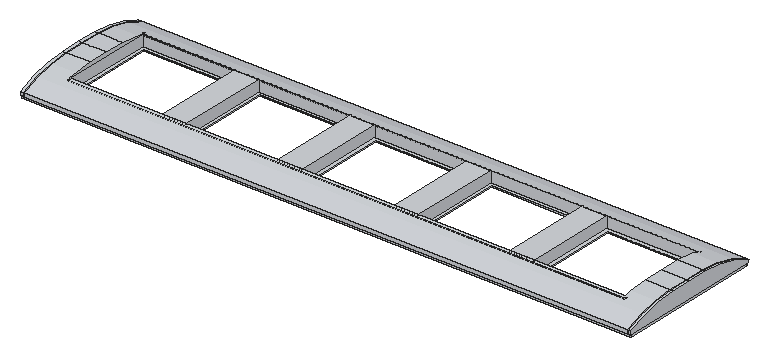
Revit family "Gira_0215761", category Electrical Fixtures, host Face, Revit 2017
Family settings
  Host = Face
  Maintain Annotation Orientation = No
  Round Connector Dimension = Use Diameter
  Part Type = Normal
  Cut with Voids When Loaded = No
  Shared = No
  Room Calculation Point = No
Parameters (values of type "Abdeckrahmen 5f Zwischenr. CW Gira Event Klar Braun")
  Werkstoffgüte = "Thermoplast"
  Werkstoff = "Kunststoff"
  URL = "http://katalog.gira.de/de_DE/datenblatt.html?artikelnr=0215761"
  Transparent = "No"
  Textfeld/Beschriftungsfläche = "No"
  Schutzart (IP) = "IP20"
  Region = "DE"
  Oberfläche = "sonstige"
  Name = "Abdeckrahmen 5f Zwischenr. CW Gira Event Klar Braun"
  Montagerichtung = "horizontal und vertikal"
  Mit Montagerahmen = "No"
  Mit Klappdeckel = "No"
  Manufacturer URL = "https://www.gira.de/"
  Keynote = "Event_Rahmen_5fach"
  HeinzeBIM = "https://bimportal.heinze.de/bim/abdeckrahmen-5f-zwischenr-cw-gira-event-klar-braun/2971eb6b02c03818d5da1849aea3f2e2e5a93da3"
  Halogenfrei = "Yes"
  HAN = "0215761"
  Geeignet für Unterputz-Installation = "Yes"
  Geeignet für Unterflurkanaldose = "No"
  Geeignet für Geräteeinbaukanal = "No"
  Geeignet für Einbauinstallation = "No"
  GTIN = "4010337069331"
  Farbe = "braun"
  Default Elevation = 1219.2 mm
  Data sheet (1) = "https://katalog.gira.de/de_DE/download.html?artikelnr=0215761"
  Category = "Abdeckrahmen"
  Befestigungsart = "Klemmbefestigung"
  Available = "Yes"
  Ausführung der Oberfläche = "glänzend"
  Anzahl der Einheiten vertikal = "5 "
  Anzahl der Einheiten horizontal = "5 "
  Anzahl der Einheiten = "5 "
Reference planes
  plane 1 "Center (Front/Back)": y = 0
  plane 2: z = 0
  plane 3 "Center (Left/Right)": x = 0
Forms (mm)
  Extrusion 1, solid, detail levels fine
    sketch origin (0, 0, 0.05) x (0, 1, 0) y (0, 0, 1)
      loop
        arc (12.445, 9.683) -> (6.223, 9.833) -> (0, 9.85) r 291.636
        arc (0, 9.85) -> (-6.223, 9.833) -> (-12.445, 9.683) r 291.636
        arc (-12.445, 9.683) -> (-29.14, 7.482) -> (-45, 1.823) r 79.728
        line (-45, 1.823) -> (-45, -0.05) -> (-42.086, -0.05)
        arc (-42.086, -0.05) -> (-21.385, 5.559) -> (0, 7.206) r 114.424
        arc (0, 7.206) -> (21.385, 5.559) -> (42.086, -0.05) r 114.424
        line (42.086, -0.05) -> (45, -0.05) -> (45, 1.823)
        arc (45, 1.823) -> (29.14, 7.482) -> (12.445, 9.683) r 79.728
    from -185.578 to 185.593
  Extrusion 2, void, detail levels fine
    sketch origin (0, 0, 0) x (1, 0, 0) y (0, 1, 0)
      loop
        line (170.607, 28) -> (-170.593, 28) -> (-170.593, -28) -> (170.607, -28) -> (170.607, 28)
    from 0.724 to 11
  Extrusion 3, solid, detail levels coarse
    sketch origin (0, 0, 0) x (1, 0, 0) y (0, 1, 0)
      loop
        line (-187.578, 45) -> (-187.578, -45) -> (187.593, -45) -> (187.593, 45) -> (-187.578, 45)
    from -1.5 to 9.9
  Extrusion 4, solid, detail levels medium
    sketch origin (0, 0, 0.05) x (0, 1, 0) y (0, 0, 1)
      loop
        arc (12.445, 9.683) -> (6.223, 9.833) -> (0, 9.85) r 291.636
        arc (0, 9.85) -> (-6.223, 9.833) -> (-12.445, 9.683) r 291.636
        arc (-12.445, 9.683) -> (-29.14, 7.482) -> (-45, 1.823) r 79.728
        line (-45, 1.823) -> (-45, -0.05) -> (45, -0.05) -> (45, 1.823)
        arc (45, 1.823) -> (29.14, 7.482) -> (12.445, 9.683) r 79.728
    from -187.578 to 187.593
  Extrusion 5, solid, detail levels fine
    sketch origin (-142.578, 0, -1.5) x (0, 1, 0) y (0, 0, -1)
      loop
        line (45, -3.373) -> (45, -1.5) -> (-45, -1.5) -> (-45, -3.373)
        arc (-45, -3.373) -> (-29.14, -9.032) -> (-12.445, -11.233) r 79.728
        arc (-12.445, -11.233) -> (-6.223, -11.383) -> (0, -11.4) r 291.636
        arc (0, -11.4) -> (6.223, -11.383) -> (12.445, -11.233) r 291.636
        arc (12.445, -11.233) -> (29.14, -9.032) -> (45, -3.373) r 79.728
    from 43 to 45
  Extrusion 6, solid, detail levels fine
    sketch origin (0, 0, 0) x (1, 0, 0) y (0, 1, 0)
      loop
        line (-168.493, 25.7) -> (-168.493, -25.7) -> (-116.693, -25.7) -> (-116.693, 25.7) -> (-168.493, 25.7)
      loop
        line (-45.398, -25.7) -> (-45.398, 25.7) -> (-97.198, 25.7) -> (-97.198, -25.7) -> (-45.398, -25.7)
      loop
        line (-171.487, 28.49) -> (-171.487, -28.495)
        spline (-171.487, -28.495) -> (-171.479, -28.625) -> (-171.453, -28.754) -> (-171.411, -28.878) -> (-171.353, -28.995) -> (-171.281, -29.104) -> (-171.194, -29.202) -> (-171.096, -29.288) -> (-170.987, -29.361) -> (-170.87, -29.419) -> (-170.746, -29.461) -> (-170.618, -29.486) -> (-170.487, -29.495)
        line (-170.487, -29.495) -> (170.502, -29.495)
        spline (170.502, -29.495) -> (170.633, -29.486) -> (170.761, -29.461) -> (170.885, -29.419) -> (171.002, -29.361) -> (171.111, -29.288) -> (171.209, -29.202) -> (171.296, -29.104) -> (171.368, -28.995) -> (171.426, -28.878) -> (171.468, -28.754) -> (171.494, -28.625) -> (171.502, -28.495)
        line (171.502, -28.495) -> (171.502, 28.49)
        spline (171.502, 28.49) -> (171.494, 28.62) -> (171.468, 28.748) -> (171.426, 28.872) -> (171.368, 28.99) -> (171.296, 29.098) -> (171.209, 29.197) -> (171.111, 29.283) -> (171.002, 29.356) -> (170.885, 29.413) -> (170.761, 29.456) -> (170.633, 29.481) -> (170.502, 29.49)
        line (170.502, 29.49) -> (-170.487, 29.49)
        spline (-170.487, 29.49) -> (-170.618, 29.481) -> (-170.746, 29.456) -> (-170.87, 29.413) -> (-170.987, 29.356) -> (-171.096, 29.283) -> (-171.194, 29.197) -> (-171.281, 29.098) -> (-171.353, 28.99) -> (-171.411, 28.872) -> (-171.453, 28.748) -> (-171.479, 28.62) -> (-171.487, 28.49)
      loop
        line (25.902, -25.7) -> (25.902, 25.7) -> (-25.898, 25.7) -> (-25.898, -25.7) -> (25.902, -25.7)
      loop
        line (97.207, -25.7) -> (97.207, 25.7) -> (45.407, 25.7) -> (45.407, -25.7) -> (97.207, -25.7)
      loop
        line (168.507, -25.7) -> (168.507, 25.7) -> (116.707, 25.7) -> (116.707, -25.7) -> (168.507, -25.7)
    from 0.1 to 7.3
  Extrusion 7, solid
    sketch origin (0, 0, 0) x (1, 0, 0) y (0, 1, 0)
      loop
        arc (-187.293, -44.218) -> (-187.146, -44.572) -> (-186.793, -44.718) r 0.5
        line (-186.793, -44.718) -> (186.807, -44.718)
        arc (186.807, -44.718) -> (187.161, -44.572) -> (187.307, -44.218) r 0.5
        line (187.307, -44.218) -> (187.307, 44.182)
        arc (187.307, 44.182) -> (187.161, 44.535) -> (186.807, 44.682) r 0.5
        line (186.807, 44.682) -> (-186.793, 44.682)
        arc (-186.793, 44.682) -> (-187.146, 44.535) -> (-187.293, 44.182) r 0.5
        line (-187.293, 44.182) -> (-187.293, -44.218)
      loop
        line (-185.593, 42.982) -> (-185.593, -43.018) -> (185.607, -43.018) -> (185.607, 42.982) -> (-185.593, 42.982)
    from -1.5 to 0.5
  Extrusion 8, solid, detail levels fine
    sketch origin (142.593, 0, -1.5) x (0, 1, 0) y (0, 0, 1)
      loop
        arc (45, 3.373) -> (29.14, 9.032) -> (12.445, 11.233) r 79.728
        arc (12.445, 11.233) -> (6.223, 11.383) -> (0, 11.4) r 291.636
        arc (0, 11.4) -> (-6.223, 11.383) -> (-12.445, 11.233) r 291.636
        arc (-12.445, 11.233) -> (-29.14, 9.032) -> (-45, 3.373) r 79.728
        line (-45, 3.373) -> (-45, 1.5) -> (45, 1.5) -> (45, 3.373)
    from 43 to 45
  Extrusion 9, solid, detail levels medium
    sketch origin (0, 0, 0) x (1, 0, 0) y (0, 1, 0)
      loop
        line (-187.293, -44.718) -> (187.307, -44.718) -> (187.307, 44.682) -> (-187.293, 44.682) -> (-187.293, -44.718)
    from -1.5 to 0.5
  Extrusion 10, solid, detail levels fine
    sketch origin (-105.5, 0, 0) x (1, 0, 0) y (0, 1, 0)
      loop
        line (-8.943, 28.063) -> (-8.943, -27.937) -> (6.057, -27.937) -> (6.057, 28.063) -> (-8.943, 28.063)
    from 0.724 to 7.566
  Extrusion 11, solid, detail levels fine
    sketch origin (-37.085, 0, 0) x (-1, 0, 0) y (0, -1, 0)
      loop
        line (-8.943, -28.063) -> (6.057, -28.063) -> (6.057, 27.937) -> (-8.943, 27.937) -> (-8.943, -28.063)
    from 0.724 to 7.566
  Extrusion 12, solid, detail levels fine
    sketch origin (105.5, 0, 0) x (-1, 0, 0) y (0, -1, 0)
      loop
        line (-8.943, -28.063) -> (6.057, -28.063) -> (6.057, 27.937) -> (-8.943, 27.937) -> (-8.943, -28.063)
    from 0.724 to 7.566
  Extrusion 13, solid, detail levels fine
    sketch origin (37.085, 0, 0) x (1, 0, 0) y (0, 1, 0)
      loop
        line (-8.943, 28.063) -> (-8.943, -27.937) -> (6.057, -27.937) -> (6.057, 28.063) -> (-8.943, 28.063)
    from 0.724 to 7.566
Cuts and joins
  Extrusion 2 cuts Extrusion 1
  Extrusion 2 cuts Extrusion 6
Dimensions and locks
  aligned and locked: plane 2 to host face
  aligned and locked: level to host face
